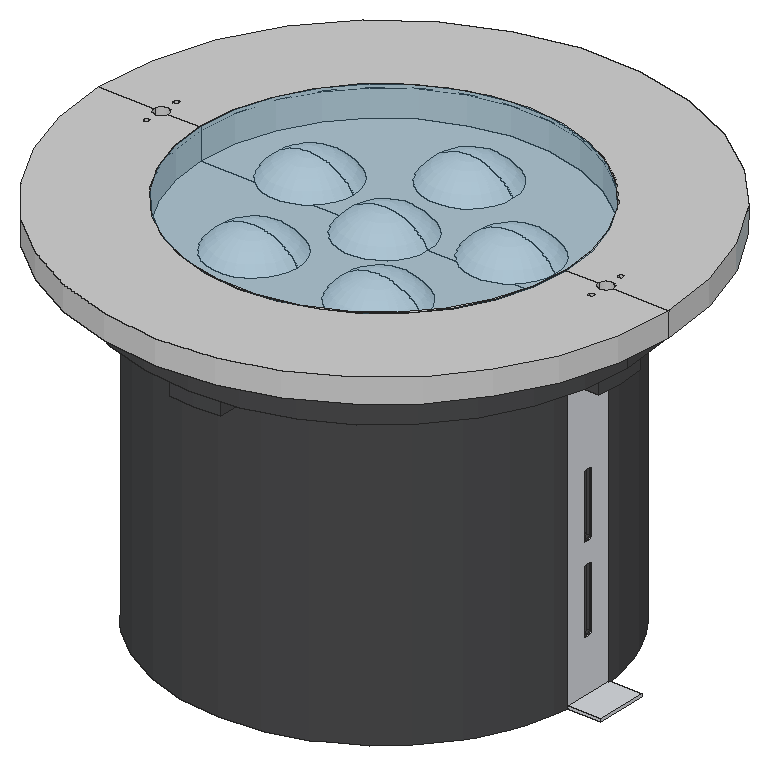
Revit family "INGROUND 18W SIMETRICA_EM18SW.1.20", category Luminarias, Revit 2019
Family settings
  Cota de conector redondo = Diámetro de uso
  Tipo de pieza = Normal
  Se basa en plano de trabajo = Sí
  Siempre vertical = No
  Corte con vacíos al cargar = No
  Origen de luz = Sí
  Compartido = No
  Punto de cálculo de habitación = No
Parameters (values of type "EMP_EM18SW.1.20")
  Ángulo de inclinación = 105.00°
  Ángulo de enfoque = 20.00°
  Ángulo de campo de foco = 20.00°
  Zone [instance] = ""
  Watt per fixture = 18.6
  Wattage = 18.6 W
  built-in parameter 1150107 = 3000 (stored number, unit not read)
  built-in parameter 1150110 = 1 (stored number, unit not read)
  built-in parameter 1150109 = 1 (stored number, unit not read)
  built-in parameter 1150112 = 1 (stored number, unit not read)
  built-in parameter 1150113 = 1 (stored number, unit not read)
  built-in parameter 1114218 = 1 (stored number, unit not read)
  Keynote = ""
  built-in parameter 1150137 = (empty or 0)
  built-in parameter 1150132 = (empty or 0)
  Modelo = "EM18SW.1.20"
  Lámpara = "NICHIA"
  Longitud de símbolo de origen de luz = 500 mm
  built-in parameter 1150105 = 23288.7 (stored number, unit not read)
  built-in parameter 1150102 = (empty or 0)
  built-in parameter 1150106 = 232.89 (stored number, unit not read)
  Lumens = 1604.99 lm
  Color Filter = 16777215
  built-in parameter 1114217 = 1 (stored number, unit not read)
  built-in parameter 1150139 = (empty or 0)
  Fabricante = "BRILLANT"
  Default Elevation = 0 mm
  built-in parameter 1150104 = 8.0166 (stored number, unit not read)
  Descripción = "LUMINARIA TIPO CIRCULAR PARA EMPOTRAR EN PISO CON CUERPO DE ALUMINIO FUNDIDO A PRESION CUBIERTO CON POLVO GRIS OSCURO, CON CUBIERTA DE ACERO INOXIDABLE Y VIDRIO TEMPLADO DE 8MM, HOUSING TIPO ABS DE 171.5MM DE DIAMETRO Y 123.6MM DE PROFUNDO. CUENTA CON 6 LED TIPO NICHIA CON UNA POTENCIA TOTAL DE 18.6W, A UNA TEMPERATURA EN BLANCO CALIDO 3000K CON 1605 LUMENES, 156mA EN CORRIENTE DE OPERACIÓN, IP67, IK09, IRC 80, DISPONIBLE PARA ATENUAR EN TRIAC (OPCIONAL), APERTURA EN 20 GRADOS POR PROYECTO, ALIMENTADA A 100-277V"
  built-in parameter 1150115 = 1 (stored number, unit not read)
  built-in parameter 1150114 = 1 (stored number, unit not read)
  Comentarios de vataje = "100-277V"
  built-in parameter 1150138 = (empty or 0)
  built-in parameter 1150134 = (empty or 0)
  Circuit [instance] = ""
  Dimming Lamp Color Temperature Shift = (empty or 0)
  built-in parameter 1150133 = 10 (stored number, unit not read)
Reference planes
  plane 1 "Centro (Frontal/Posterior)": y = 0
  plane 2: z = 0
  plane 3 "Centro (Izquierda/Derecha)": x = 0
  plane 4: z = -123.6
  plane 5: x = -653.678
  plane 6: x = 600
  plane 7: x = -90
  plane 8: x = 90
  plane 9: x = -78
  plane 10: x = 78
Forms (mm)
  Revolve 1, solid, material "Acero Inoxidable"
    sketch origin (0, 0, 0) x (1, 0, 0) y (0, 0, 1)
      loop
        line (-64.334, 7.629) -> (-100, 7.629) -> (-100, -0.88) -> (-72.479, -0.88) -> (-72.479, -12.767) -> (-57.479, -12.767) -> (-57.479, -60) -> (0, -60) -> (0, -3.134) -> (-64.334, -3.134) -> (-64.334, 7.629)
      axis (0, 7.629) -> (0, -60)
    angle from 0 to 360
  Extrusion 2, solid, material "Cristal"
    sketch origin (0, 0, 0) x (1, 0, 0) y (0, 1, 0)
      loop
        circle (0, 0) r 64.334
    from 6.498 to 7.824
  Extrusion 3, solid, material "Plastico"
    sketch origin (0, 0, 0) x (1, 0, 0) y (0, 1, 0)
      loop
        circle (0, 0) r 10
    from -75.376 to -67.99
  Extrusion 4, solid, material "Cobre"
    sketch origin (0, 0, 0) x (1, 0, 0) y (0, 1, 0)
      loop
        line (12.101, 0) -> (6.051, 10.48) -> (-6.051, 10.48) -> (-12.101, 0) -> (-6.051, -10.48) -> (6.051, -10.48) -> (12.101, 0)
    from -67.99 to -60
  Revolve 5, solid, material "Plastico"
    sketch origin (0, 0, 0) x (1, 0, 0) y (0, 0, 1)
      loop
        line (-85.75, -0.88) -> (-85.75, -15.267) -> (-72.423, -15.267) -> (-72.423, -123.6) -> (0, -123.6) -> (0, -121.1) -> (-69.88, -121.1) -> (-69.88, -12.767) -> (-83.293, -12.767) -> (-83.293, -0.88) -> (-85.75, -0.88)
      axis (0, -0.88) -> (0, -123.6)
    angle from 0 to 360
  Extrusion 6, solid, material "Plastico"
    sketch origin (0, 0, 0) x (1, 0, 0) y (0, 1, 0)
      loop
        line (-9, -71.918) -> (-9, -82.576)
        arc (-9, -82.576) -> (-0.003, -83.209) -> (9, -82.666) r 69.169
        line (9, -82.666) -> (9, -71.918)
        arc (9, -71.918) -> (0, -72.479) -> (-9, -71.918) r 72.479
      loop
        arc (-9, 71.918) -> (0, 72.479) -> (9, 71.918) r 72.479
        line (9, 71.918) -> (9, 82.666)
        arc (9, 82.666) -> (-0.003, 83.209) -> (-9, 82.576) r 69.169
        line (-9, 82.576) -> (-9, 71.918)
      loop
        line (71.917, -8.997) -> (82.575, -8.997)
        arc (82.575, -8.997) -> (83.209, 0) -> (82.666, 9.003) r 69.169
        line (82.666, 9.003) -> (71.917, 9.003)
        arc (71.917, 9.003) -> (72.478, 0.003) -> (71.917, -8.997) r 72.479
      loop
        arc (-71.917, -8.997) -> (-72.478, 0.003) -> (-71.917, 9.003) r 72.479
        line (-71.917, 9.003) -> (-82.666, 9.003)
        arc (-82.666, 9.003) -> (-83.209, 0) -> (-82.575, -8.997) r 69.169
        line (-82.575, -8.997) -> (-71.917, -8.997)
    from -21.197 to -15.267
  Extrusion 7, void
    sketch origin (0, 0, 0) x (1, 0, 0) y (0, 1, 0)
      loop
        line (-74.25, 9.003) -> (-74.25, -8.997) -> (-70.806, -8.997) -> (-70.806, 9.003) -> (-74.25, 9.003)
      loop
        line (74.25, 9.003) -> (70.806, 9.003) -> (70.806, -8.997) -> (74.25, -8.997) -> (74.25, 9.003)
    from -123.6 to -21.197
  Extrusion 8, void
    sketch origin (0, 0, 0) x (1, 0, 0) y (0, 1, 0)
      loop
        circle (-78, 6.504) r 0.895
      loop
        circle (-78, 0) r 2.557
      loop
        circle (-78, -6.504) r 0.895
      loop
        circle (78, 6.504) r 0.895
      loop
        circle (78, 0) r 2.557
      loop
        circle (78, -6.504) r 0.895
    from -3.838 to 7.824
  Revolve 9, solid
    sketch origin (31.265, 37.192, -3.091) x (-1, 0, 0) y (0, 0, 1)
      loop
        line (31.083, 0) -> (46.481, 0)
        arc (46.481, 0) -> (39.824, 6.053) -> (31.083, 8.187) r 18.242
        line (31.083, 8.187) -> (31.083, 0)
      axis (31.083, 8.187) -> (31.083, 0)
    angle from 0 to 360
  Extrusion 10, solid
    sketch origin (0, 0, 0) x (1, 0, 0) y (0, 0, 1)
      loop
        line (-70.806, -21.197) -> (-71.606, -21.197) -> (-71.606, -122.8) -> (-83.232, -122.8) -> (-83.232, -123.6) -> (-70.806, -123.6) -> (-70.806, -21.197)
      loop
        line (70.806, -21.197) -> (70.806, -123.6) -> (83.232, -123.6) -> (83.232, -122.8) -> (71.606, -122.8) -> (71.606, -21.197) -> (70.806, -21.197)
    from -9.003 to 8.997
  Extrusion 11, void
    sketch origin (0, 0, 0) x (0, 1, 0) y (0, 0, 1)
      loop
        line (1.004, -51.93) -> (-1.004, -51.93)
        arc (-1.004, -51.93) -> (-1.62, -52.185) -> (-1.875, -52.801) r 0.871
        line (-1.875, -52.801) -> (-1.875, -73.895)
        arc (-1.875, -73.895) -> (-1.62, -74.511) -> (-1.004, -74.766) r 0.871
        line (-1.004, -74.766) -> (1.004, -74.766)
        arc (1.004, -74.766) -> (1.62, -74.511) -> (1.875, -73.895) r 0.871
        line (1.875, -73.895) -> (1.875, -52.801)
        arc (1.875, -52.801) -> (1.62, -52.185) -> (1.004, -51.93) r 0.871
      loop
        line (1.004, -81.93) -> (-1.004, -81.93)
        arc (-1.004, -81.93) -> (-1.62, -82.185) -> (-1.875, -82.801) r 0.871
        line (-1.875, -82.801) -> (-1.875, -103.895)
        arc (-1.875, -103.895) -> (-1.62, -104.511) -> (-1.004, -104.766) r 0.871
        line (-1.004, -104.766) -> (1.004, -104.766)
        arc (1.004, -104.766) -> (1.62, -104.511) -> (1.875, -103.895) r 0.871
        line (1.875, -103.895) -> (1.875, -82.801)
        arc (1.875, -82.801) -> (1.62, -82.185) -> (1.004, -81.93) r 0.871
    from -74.158 to -68.356
  Extrusion 12, void
    sketch origin (0, 0, 0) x (0, 1, 0) y (0, 0, -1)
      loop
        arc (1.004, 51.93) -> (1.62, 52.185) -> (1.875, 52.801) r 0.871
        line (1.875, 52.801) -> (1.875, 73.895)
        arc (1.875, 73.895) -> (1.62, 74.511) -> (1.004, 74.766) r 0.871
        line (1.004, 74.766) -> (-1.004, 74.766)
        arc (-1.004, 74.766) -> (-1.62, 74.511) -> (-1.875, 73.895) r 0.871
        line (-1.875, 73.895) -> (-1.875, 52.801)
        arc (-1.875, 52.801) -> (-1.62, 52.185) -> (-1.004, 51.93) r 0.871
        line (-1.004, 51.93) -> (1.004, 51.93)
      loop
        arc (1.004, 81.93) -> (1.62, 82.185) -> (1.875, 82.801) r 0.871
        line (1.875, 82.801) -> (1.875, 103.895)
        arc (1.875, 103.895) -> (1.62, 104.511) -> (1.004, 104.766) r 0.871
        line (1.004, 104.766) -> (-1.004, 104.766)
        arc (-1.004, 104.766) -> (-1.62, 104.511) -> (-1.875, 103.895) r 0.871
        line (-1.875, 103.895) -> (-1.875, 82.801)
        arc (-1.875, 82.801) -> (-1.62, 82.185) -> (-1.004, 81.93) r 0.871
        line (-1.004, 81.93) -> (1.004, 81.93)
    from -74.158 to -68.356
  Revolve 13, solid
    sketch origin (66.637, 11.493, -3.091) x (-1, 0, 0) y (0, 0, 1)
      loop
        line (31.083, 0) -> (46.481, 0)
        arc (46.481, 0) -> (39.824, 6.053) -> (31.083, 8.187) r 18.242
        line (31.083, 8.187) -> (31.083, 0)
      axis (31.083, 8.187) -> (31.083, 0)
    angle from 0 to 360
  Revolve 14, solid
    sketch origin (53.126, -30.089, -3.091) x (-1, 0, 0) y (0, 0, 1)
      loop
        line (31.083, 0) -> (46.481, 0)
        arc (46.481, 0) -> (39.824, 6.053) -> (31.083, 8.187) r 18.242
        line (31.083, 8.187) -> (31.083, 0)
      axis (31.083, 8.187) -> (31.083, 0)
    angle from 0 to 360
  Revolve 15, solid
    sketch origin (9.405, -30.089, -3.091) x (-1, 0, 0) y (0, 0, 1)
      loop
        line (31.083, 0) -> (46.481, 0)
        arc (46.481, 0) -> (39.824, 6.053) -> (31.083, 8.187) r 18.242
        line (31.083, 8.187) -> (31.083, 0)
      axis (31.083, 8.187) -> (31.083, 0)
    angle from 0 to 360
  Revolve 16, solid
    sketch origin (-4.106, 11.493, -3.091) x (-1, 0, 0) y (0, 0, 1)
      loop
        line (31.083, 0) -> (46.481, 0)
        arc (46.481, 0) -> (39.824, 6.053) -> (31.083, 8.187) r 18.242
        line (31.083, 8.187) -> (31.083, 0)
      axis (31.083, 8.187) -> (31.083, 0)
    angle from 0 to 360
  Revolve 17, solid
    sketch origin (31.265, 0, -3.091) x (-1, 0, 0) y (0, 0, 1)
      loop
        line (31.083, 0) -> (46.481, 0)
        arc (46.481, 0) -> (39.824, 6.053) -> (31.083, 8.187) r 18.242
        line (31.083, 8.187) -> (31.083, 0)
      axis (31.083, 8.187) -> (31.083, 0)
    angle from 0 to 360
Cuts and joins
  Extrusion 7, Extrusion 12 cuts Revolve 5
  Extrusion 7, Extrusion 8, Extrusion 11 cuts Revolve 1
  Extrusion 11 cuts Extrusion 3
  Extrusion 11 cuts Extrusion 4
  Extrusion 11, Extrusion 12 cuts Extrusion 10
Dimensions and locks
  plane 2 to plane 4 = 123.6 mm
  level to plane 4 = 123.6 mm
  equal spacing: plane 7, plane 3 "Centro (Izquierda/Derecha)", plane 8
  plane 7 to plane 3 "Centro (Izquierda/Derecha)" = 90 mm
  plane 7 to plane 8 = 180 mm
  level to Extrusion 3 = 75.376 mm
  plane 8 to plane 7 = 180 mm
  equal spacing: plane 10, plane 3 "Centro (Izquierda/Derecha)", plane 9
  plane 3 "Centro (Izquierda/Derecha)" to plane 9 = 78 mm
  plane 10 to plane 9 = 156 mm
  plane 3 "Centro (Izquierda/Derecha)" to Revolve 5 sketch curve = 85.75 mm
  Revolve 1 sketch curve to Revolve 1 sketch curve = 100 mm
  aligned and locked: level to plane 2
Automatic sketch dimensions
  Revolve 1 sketch curve to plane 3 "Centro (Izquierda/Derecha)" = 0 mm  (x2)
  Revolve 1 sketch curve to level = 0.88 mm
  plane 9 to Revolve 1 sketch curve = 5.521 mm
  Revolve 1 sketch curve to level = 3.134 mm
  Revolve 1 sketch curve to Revolve 1 sketch curve = 8.145 mm
  Revolve 1 sketch curve to Revolve 1 sketch curve = 6.855 mm
  Revolve 1 sketch curve to Revolve 1 sketch curve = 9.634 mm
  Revolve 1 sketch curve to Revolve 1 sketch curve = 56.866 mm
  level to Revolve 1 sketch curve = 7.629 mm
  Revolve 1 sketch curve to Revolve 1 sketch curve = 17 mm
  level to Revolve 1 sketch curve = 40 mm
  plane 1 "Centro (Frontal/Posterior)" to Extrusion 2 sketch curve = 0 mm
  Extrusion 2 sketch curve to plane 3 "Centro (Izquierda/Derecha)" = 0 mm
  plane 1 "Centro (Frontal/Posterior)" to Extrusion 3 sketch curve = 0 mm
  Extrusion 3 sketch curve to plane 3 "Centro (Izquierda/Derecha)" = 0 mm
  Revolve 5 sketch curve to plane 4 = 0 mm
  Revolve 5 sketch curve to plane 3 "Centro (Izquierda/Derecha)" = 0 mm  (x2)
  Revolve 5 sketch curve to Revolve 5 sketch curve = 2.457 mm
  plane 9 to Revolve 5 sketch curve = 5.577 mm
  Revolve 5 sketch curve to Revolve 5 sketch curve = 2.544 mm
  plane 4 to Revolve 5 sketch curve = 2.5 mm
  Revolve 5 sketch curve to level = 15.267 mm
  Revolve 5 sketch curve to Revolve 5 sketch curve = 2.5 mm
  Revolve 5 sketch curve to level = 0.88 mm
  Revolve 5 sketch curve to plane 4 = 33.38 mm
  level to Revolve 5 sketch curve = 26.62 mm
  Extrusion 6 sketch curve to Extrusion 6 sketch curve = 0 mm  (x2)
  plane 1 "Centro (Frontal/Posterior)" to Extrusion 6 sketch curve = 0 mm
  Extrusion 6 sketch curve to plane 3 "Centro (Izquierda/Derecha)" = 0 mm  (x2)
  Extrusion 6 sketch curve to plane 3 "Centro (Izquierda/Derecha)" = 9 mm  (x2)
  Extrusion 6 sketch curve to plane 1 "Centro (Frontal/Posterior)" = 0.349 mm  (x2)
  Extrusion 6 sketch curve to plane 3 "Centro (Izquierda/Derecha)" = 14.041 mm
  plane 9 to Extrusion 6 sketch curve = 6.083 mm  (x2)
  Extrusion 6 sketch curve to plane 9 = 4.575 mm
  Extrusion 6 sketch curve to plane 9 = 4.666 mm
  plane 3 "Centro (Izquierda/Derecha)" to Extrusion 6 sketch curve = 0 mm
  plane 3 "Centro (Izquierda/Derecha)" to Extrusion 6 sketch curve = 0.346 mm  (x2)
  plane 3 "Centro (Izquierda/Derecha)" to Extrusion 6 sketch curve = 9 mm  (x2)
  plane 3 "Centro (Izquierda/Derecha)" to Extrusion 6 sketch curve = 14.041 mm
  Extrusion 6 sketch curve to plane 10 = 6.083 mm  (x2)
  plane 10 to Extrusion 6 sketch curve = 4.575 mm
  plane 10 to Extrusion 6 sketch curve = 4.666 mm
  plane 1 "Centro (Frontal/Posterior)" to Extrusion 6 sketch curve = 8.997 mm  (x2)
  plane 1 "Centro (Frontal/Posterior)" to Extrusion 6 sketch curve = 14.041 mm
  Extrusion 6 sketch curve to Extrusion 6 sketch curve = 57.877 mm  (x2)
  Extrusion 6 sketch curve to Extrusion 6 sketch curve = 10.658 mm  (x2)
  Extrusion 6 sketch curve to plane 1 "Centro (Frontal/Posterior)" = 14.041 mm
  plane 9 to Extrusion 7 sketch curve = 3.75 mm
  Extrusion 7 sketch curve to Extrusion 7 sketch curve = 3.444 mm  (x2)
  Extrusion 7 sketch curve to plane 10 = 7.194 mm
  plane 1 "Centro (Frontal/Posterior)" to Extrusion 7 sketch curve = 8.997 mm  (x2)
  Extrusion 7 sketch curve to plane 1 "Centro (Frontal/Posterior)" = 9.003 mm  (x2)
  plane 1 "Centro (Frontal/Posterior)" to Extrusion 8 sketch curve = 0 mm  (x2)
  Extrusion 8 sketch curve to plane 9 = 0 mm  (x3)
  Extrusion 8 sketch curve to plane 10 = 0 mm  (x3)
  plane 1 "Centro (Frontal/Posterior)" to Extrusion 8 sketch curve = 6.504 mm  (x2)
  Extrusion 8 sketch curve to plane 1 "Centro (Frontal/Posterior)" = 6.504 mm  (x2)
  plane 3 "Centro (Izquierda/Derecha)" to Revolve 9 sketch curve = 0.182 mm  (x2)
  plane 3 "Centro (Izquierda/Derecha)" to Revolve 9 sketch curve = 0.006 mm
  Revolve 9 sketch curve to level = 3.091 mm
  Revolve 9 sketch curve to plane 3 "Centro (Izquierda/Derecha)" = 15.216 mm
  Revolve 9 sketch curve to Revolve 9 sketch curve = 10.054 mm
  Revolve 9 sketch curve to Revolve 9 sketch curve = 1.925 mm
  Revolve 9 sketch curve to Revolve 9 sketch curve = 3.67 mm
  Extrusion 10 sketch curve to plane 4 = 0 mm  (x2)
  plane 4 to Extrusion 10 sketch curve = 0.8 mm  (x2)
  Extrusion 10 sketch curve to plane 9 = 5.232 mm
  plane 9 to Extrusion 10 sketch curve = 6.394 mm
  Extrusion 10 sketch curve to Extrusion 10 sketch curve = 0.8 mm  (x2)
  Extrusion 10 sketch curve to plane 10 = 7.194 mm
  plane 10 to Extrusion 10 sketch curve = 5.232 mm
  Extrusion 10 sketch curve to level = 21.197 mm  (x2)
  plane 1 "Centro (Frontal/Posterior)" to Extrusion 11 sketch curve = 1.875 mm  (x2)
  Extrusion 11 sketch curve to Extrusion 11 sketch curve = 0.871 mm  (x4)
  plane 1 "Centro (Frontal/Posterior)" to Extrusion 11 sketch curve = 1.004 mm  (x2)
  Extrusion 11 sketch curve to plane 1 "Centro (Frontal/Posterior)" = 1.004 mm  (x4)
  plane 4 to Extrusion 11 sketch curve = 18.834 mm
  Extrusion 11 sketch curve to Extrusion 11 sketch curve = 21.095 mm  (x2)
  Extrusion 11 sketch curve to Extrusion 11 sketch curve = 7.164 mm
  plane 1 "Centro (Frontal/Posterior)" to Extrusion 12 sketch curve = 1.875 mm  (x2)
  Extrusion 12 sketch curve to Extrusion 12 sketch curve = 0.871 mm  (x4)
  plane 1 "Centro (Frontal/Posterior)" to Extrusion 12 sketch curve = 1.004 mm  (x2)
  Extrusion 12 sketch curve to plane 1 "Centro (Frontal/Posterior)" = 1.004 mm  (x4)
  Extrusion 12 sketch curve to level = 51.93 mm
  Extrusion 12 sketch curve to Extrusion 12 sketch curve = 21.095 mm
  Extrusion 12 sketch curve to Extrusion 12 sketch curve = 7.164 mm
  plane 4 to Extrusion 12 sketch curve = 19.705 mm
  Revolve 13 sketch curve to level = 3.091 mm
  plane 3 "Centro (Izquierda/Derecha)" to Revolve 13 sketch curve = 35.554 mm
  Revolve 13 sketch curve to Revolve 13 sketch curve = 0.176 mm
  Revolve 13 sketch curve to Revolve 13 sketch curve = 15.398 mm
  Revolve 13 sketch curve to Revolve 13 sketch curve = 10.054 mm
  Revolve 13 sketch curve to Revolve 13 sketch curve = 0 mm
  Revolve 13 sketch curve to Revolve 13 sketch curve = 1.925 mm
  Revolve 13 sketch curve to Revolve 13 sketch curve = 3.67 mm
  Revolve 14 sketch curve to level = 3.091 mm
  plane 3 "Centro (Izquierda/Derecha)" to Revolve 14 sketch curve = 22.043 mm
  Revolve 14 sketch curve to Revolve 14 sketch curve = 0.176 mm
  plane 3 "Centro (Izquierda/Derecha)" to Revolve 14 sketch curve = 6.645 mm
  Revolve 14 sketch curve to Revolve 14 sketch curve = 10.054 mm
  Revolve 14 sketch curve to Revolve 14 sketch curve = 0 mm
  Revolve 14 sketch curve to Revolve 14 sketch curve = 1.925 mm
  Revolve 14 sketch curve to Revolve 14 sketch curve = 3.67 mm
  Revolve 15 sketch curve to level = 3.091 mm
  Revolve 15 sketch curve to plane 3 "Centro (Izquierda/Derecha)" = 21.679 mm
  Revolve 15 sketch curve to Revolve 15 sketch curve = 0.176 mm
  Revolve 15 sketch curve to Revolve 15 sketch curve = 15.398 mm
  Revolve 15 sketch curve to Revolve 15 sketch curve = 10.054 mm
  Revolve 15 sketch curve to Revolve 15 sketch curve = 0 mm
  Revolve 15 sketch curve to Revolve 15 sketch curve = 1.925 mm
  Revolve 15 sketch curve to Revolve 15 sketch curve = 3.67 mm
  Revolve 16 sketch curve to level = 3.091 mm
  Revolve 16 sketch curve to plane 3 "Centro (Izquierda/Derecha)" = 35.19 mm
  Revolve 16 sketch curve to Revolve 16 sketch curve = 0.176 mm
  Revolve 16 sketch curve to Revolve 16 sketch curve = 15.398 mm
  Revolve 16 sketch curve to Revolve 16 sketch curve = 10.054 mm
  Revolve 16 sketch curve to Revolve 16 sketch curve = 0 mm
  Revolve 16 sketch curve to Revolve 16 sketch curve = 1.925 mm
  Revolve 16 sketch curve to Revolve 16 sketch curve = 3.67 mm
  plane 3 "Centro (Izquierda/Derecha)" to Revolve 17 sketch curve = 0.182 mm  (x2)
  plane 3 "Centro (Izquierda/Derecha)" to Revolve 17 sketch curve = 0.006 mm
  Revolve 17 sketch curve to level = 3.091 mm
  Revolve 17 sketch curve to plane 3 "Centro (Izquierda/Derecha)" = 15.216 mm
  Revolve 17 sketch curve to Revolve 17 sketch curve = 10.054 mm
  Revolve 17 sketch curve to Revolve 17 sketch curve = 1.925 mm
  Revolve 17 sketch curve to Revolve 17 sketch curve = 3.67 mm
  radius of Extrusion 2 sketch curve = 64.334 mm
  radius of Extrusion 3 sketch curve = 10 mm
  radius of Extrusion 8 sketch curve = 0.895 mm  (x4)
  radius of Extrusion 8 sketch curve = 2.557 mm  (x2)
Connectors
  electrical at (0, 0, -121.1)
    settings: on cut or joined group of Revolve 5, Extrusion 7, Extrusion 12, index 1, voltage 277 V, apparent load 0 VA, apparent load phase1 0 VA, apparent load phase2 0 VA, apparent load phase3 0 VA, power factor 1, load classification "Otro", number of poles 1, system type 31, power factor state 1, is connector primary yes, connector utility no, sub classification motor no, connector description ""
